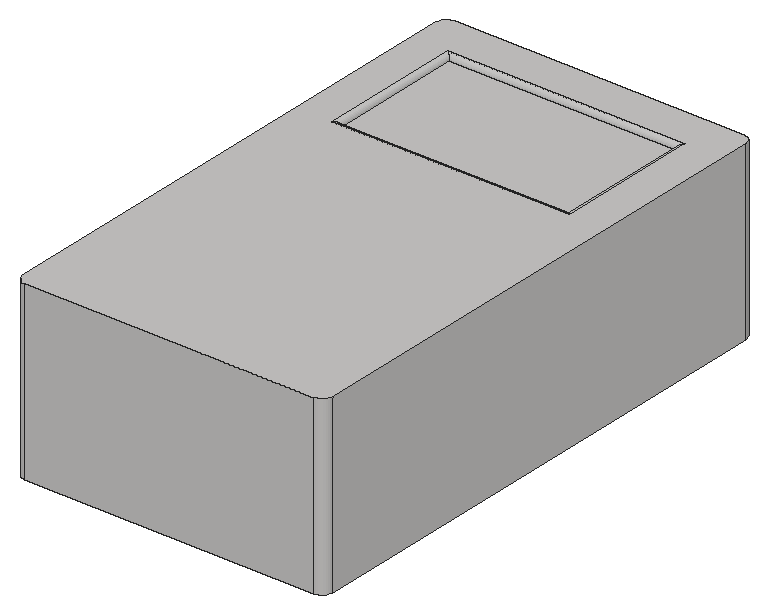
Revit family "Sanitary_Napkin_Disposal-Bobrick-B-9254_Series", category Specialty Equipment, host Face, Revit 2021
Family settings
  Host = Face
  Round Connector Dimension = Use Diameter
  Part Type = Normal
  OmniClass Number = 23.40.20.21.24
  OmniClass Title = Sanitary Napkin and Tampon Dispensers, Disposal Units
  Cut with Voids When Loaded = No
  Shared = Yes
  Room Calculation Point = No
Parameters (values of type "B-9254")
  Width = 4 1/4"  # constant formula
  Waste Receptacle Replacement 9254-20 = no
  Warranty Information = "5-Year Limited Warranty — In addition to Bobrick’s one-year guarantee, Bobrick extends a limited 5-year\r\nwarranty from the date of purchase on all parts for model B-9254."  # constant formula
  URL = "https://www.bobrick.com/"
  Type Comments = ""
  Mounting Height = 29"
  Model = "B-9254"
  Material = "Stainless Steel-Bobrick-Satin"
  Manufacturer = "Bobrick"  # constant formula
  Length = 7 1/2"  # constant formula
  Installation Type = "Surface Mounted"  # constant formula
  Height = 13"  # constant formula
  Finish = Stainless Steel-Bobrick-Satin
  Description = "Surface Mounted Sanitary Disposal"  # constant formula
  Default Elevation = 0"
  Creation Date = "10/02/2025"  # constant formula
  Capacity = "Capacity: 0.8-gal. (3.0-L)"  # constant formula
  Assembly Code = "E1090900"
  ADA Compliant = yes
Types (3): name | Model | Material | Finish
  (no name) | "B-9254" | "Stainless Steel-Bobrick-Satin" | Stainless Steel-Bobrick-Satin
  B-9254 | "B-9254" | "Stainless Steel-Bobrick-Satin" | Stainless Steel-Bobrick-Satin
  B-9254.MBLK | "B-9254.MBLK" | "Stainless Steel-Bobrick-Matte Black" | Stainless Steel-Bobrick-Matte Black
Reference planes (in)
  plane 1 "Center (Front/Back)": y = 0
  plane 2: z = 0
  plane 3 "Center (Left/Right)": x = 0
  plane 4: x = -3.75
  plane 5: x = 3.75
  plane 6: y = -13
  plane 7: z = 4.25
  plane 8 "FL": y = -29
Forms (in)
  Extrusion 1, void
    sketch origin (-3.9498, -7.82433, 2.21875) x (1, 0, 0) y (0, 1, 0)
      loop
        line (1.18871, 3.47988) -> (6.68871, 3.47988) -> (6.68871, 6.72988) -> (1.18871, 6.72988) -> (1.18871, 3.47988)
    from 1.90625 to 2.03125
  Sweep 2, void
    path origin (-3.9498, -7.82433, 4.25) x (1, 0, 0) y (0, 1, 0)
      loop
        line (6.68871, 6.72988) -> (1.18871, 6.72988) -> (1.18871, 3.47988) -> (6.68871, 3.47988) -> (6.68871, 6.72988)
    profile origin (-0.01109, -1.09445, 4.25) x (0, -1, 0) y (0, 0, 1)
      loop
        line (0, 0) -> (-0.125, 0)
        arc (-0.125, 0) -> (-0.03661, -0.03661) -> (0, -0.125) r 0.125
        line (0, -0.125) -> (0, 0)
  Extrusion 3, solid, material "Stainless Steel-Bobrick-Satin" <- "Finish"
    sketch origin (0, 0, 0) x (1, 0, 0) y (0, 1, 0)
      loop
        arc (-3.5, 0) -> (-3.67678, -0.07322) -> (-3.75, -0.25) r 0.25
        line (-3.75, -0.25) -> (-3.75, -12.75)
        arc (-3.75, -12.75) -> (-3.67678, -12.92678) -> (-3.5, -13) r 0.25
        line (-3.5, -13) -> (3.5, -13)
        arc (3.5, -13) -> (3.67678, -12.92678) -> (3.75, -12.75) r 0.25
        line (3.75, -12.75) -> (3.75, -0.25)
        arc (3.75, -0.25) -> (3.67678, -0.07322) -> (3.5, 0) r 0.25
        line (3.5, 0) -> (-3.5, 0)
    from 0 to 4.25
  Extrusion 4, void
    sketch origin (0, 0, 0) x (1, 0, 0) y (0, 1, 0)
      loop
        line (-3.50272, -4.75817) -> (-3.23287, -12.48574)
        arc (-3.23287, -12.48574) -> (-3.11978, -12.73973) -> (-2.862, -12.84388) r 0.37109
        line (-2.862, -12.84388) -> (2.86195, -12.84388)
        arc (2.86195, -12.84388) -> (3.11977, -12.73972) -> (3.23287, -12.48569) r 0.37114
        line (3.23287, -12.48569) -> (3.50272, -4.75817) -> (-3.50272, -4.75817)
    from 0.15617 to 4.125
  Extrusion 5, void
    sketch origin (0, 0, 0) x (1, 0, 0) y (0, 0, 1)
      loop
        circle (0, 2.125) r 0.25
    from 0 to 0.04469
Cuts and joins
  Extrusion 1, Sweep 2, Extrusion 4, Extrusion 5 cuts Extrusion 3
Lines and regions (in)
  Masking region 1
    outline origin (0, 0, 0) x (1, 0, 0) y (0, 0, 1)
      loop
        line (-3.75, 4.25) -> (-3.75, 0) -> (3.75, 0) -> (3.75, 4.25) -> (-3.75, 4.25)
  model lines
    curve 1: line (1.89137, -3.37709, 4.125) -> (1.89137, -4.09241, 4.125)
    curve 2: line (1.89137, -4.09241, 4.125) -> (2.48575, -4.09241, 4.125)
    curve 3: line (2.48575, -4.09241, 4.125) -> (2.48575, -3.37709, 4.125)
    curve 4: line (2.17753, -3.31629, 4.125) -> (2.02496, -3.64348, 4.125)
    curve 5: line (2.02496, -3.64348, 4.125) -> (2.17481, -3.73, 4.125)
    curve 6: arc (2.24451, -3.69826, 4.125) -> (2.28193, -3.65623, 4.125) -> (2.33678, -3.66883, 4.125) r 0.05522
    curve 7: arc (2.17481, -3.73, 4.125) -> (2.21783, -3.73207, 4.125) -> (2.24451, -3.69826, 4.125) r 0.04705
    curve 8: line (2.17753, -3.31629, 4.125) -> (2.33678, -3.66883, 4.125)
    curve 9: arc (1.95767, -3.20401, 4.125) -> (2.04123, -2.99826, 4.125) -> (2.19775, -2.84072, 4.125) r 0.564
    curve 10: arc (2.22128, -2.96182, 4.125) -> (2.08779, -3.06614, 4.125) -> (2.00881, -3.21602, 4.125) r 0.40401
    curve 11: arc (2.00881, -3.21602, 4.125) -> (1.97748, -3.2345, 4.125) -> (1.95767, -3.20401, 4.125) r 0.02629
    curve 12: arc (2.14121, -3.17102, 4.125) -> (2.18597, -3.08801, 4.125) -> (2.25623, -3.02512, 4.125) r 0.27378
    curve 13: arc (2.18875, -3.19826, 4.125) -> (2.39211, -3.03243, 4.125) -> (2.63864, -2.94257, 4.125) r 0.78798
    curve 14: arc (2.18875, -3.19826, 4.125) -> (2.15383, -3.20409, 4.125) -> (2.14121, -3.17102, 4.125) r 0.02795
    curve 15: arc (2.25623, -3.02512, 4.125) -> (2.26879, -2.97688, 4.125) -> (2.22128, -2.96182, 4.125) r 0.0362
    curve 16: arc (2.52942, -2.80278, 4.125) -> (2.4221, -2.80874, 4.125) -> (2.31477, -2.80278, 4.125) r 0.96828
    curve 17: arc (2.31477, -2.80278, 4.125) -> (2.25217, -2.80914, 4.125) -> (2.19775, -2.84072, 4.125) r 0.14931
    curve 18: line (2.52942, -2.80278, 4.125) -> (2.63864, -2.94257, 4.125)
  symbolic lines, detail levels medium+fine
    curve 19: circle (0, 0, 2.125) r 0.25 normal (0, -1, 0)
Dimensions and locks (in)
  equal spacing: plane 4, plane 3 "Center (Left/Right)", plane 5
  "Length": plane 4 to plane 5
  "Height": plane 6 to plane 1 "Center (Front/Back)"
  "Width": plane 7 to level
  "Mounting Height": plane 8 "FL" to plane 1 "Center (Front/Back)"
  aligned and locked: plane 1 "Center (Front/Back)" to Extrusion 3 sketch curve
  aligned and locked: plane 4 to Extrusion 3 sketch curve
  aligned and locked: plane 6 to Extrusion 3 sketch curve
  aligned and locked: plane 5 to Extrusion 3 sketch curve
  aligned and locked: Extrusion 3 to Extrusion 1
  aligned and locked: Extrusion 3 to level
  aligned and locked: Extrusion 3 to Extrusion 5
  aligned and locked: Masking region 1 sketch curve to cut or joined group of Extrusion 1, Sweep 2, Extrusion 3, Extrusion 4, Extrusion 5  (x4)
  aligned and locked: curve 19 to cut or joined group of Extrusion 1, Sweep 2, Extrusion 3, Extrusion 4, Extrusion 5
Automatic sketch dimensions
  host sketch curve to host sketch curve = 96"  (x2)
  Sweep 2 sketch curve to profile plane = 0"  (x2)
  profile plane to Sweep 2 sketch curve = 1/8"
  plane 4 to Extrusion 3 sketch curve = 1/4"
  Extrusion 3 sketch curve to Extrusion 3 sketch curve = 1/4"
  plane 5 to Extrusion 3 sketch curve = 1/4"  (x2)
  plane 4 to Extrusion 1 sketch curve = 0.98891"
  plane 5 to Extrusion 1 sketch curve = 1.01109"
  plane 1 "Center (Front/Back)" to Extrusion 1 sketch curve = 4.34445"
  plane 1 "Center (Front/Back)" to Extrusion 1 sketch curve = 1.09445"
  plane 4 to Sweep 2 sketch curve = 0.98891"
  plane 5 to Sweep 2 sketch curve = 1.01109"
  plane 1 "Center (Front/Back)" to Sweep 2 sketch curve = 4.34445"
  plane 1 "Center (Front/Back)" to Sweep 2 sketch curve = 1.09445"
  plane 4 to Extrusion 4 sketch curve = 0.24728"
  plane 4 to Extrusion 4 sketch curve = 0.51713"
  plane 6 to Extrusion 4 sketch curve = 0.15612"
  Extrusion 4 sketch curve to Extrusion 4 sketch curve = 0.37087"
  plane 5 to Extrusion 4 sketch curve = 0.88805"
  Extrusion 4 sketch curve to Extrusion 4 sketch curve = 0.37092"
  plane 5 to Extrusion 4 sketch curve = 0.24728"
  plane 6 to Extrusion 4 sketch curve = 0.51431"
  plane 6 to Extrusion 4 sketch curve = 0.51426"
  plane 1 "Center (Front/Back)" to Extrusion 4 sketch curve = 4.75817"
  plane 5 to curve 1 = 1.85863"
  curve 1 to curve 11 = 0.09212"
  curve 1 to curve 4 = 0.13359"
  curve 11 to curve 14 = 0.18423"
  curve 4 to curve 5 = 0.14985"
  curve 14 to curve 8 = 0.00981"
  curve 7 to curve 7 = 0.02352"
  curve 14 to curve 15 = 0.06937"
  curve 15 to curve 17 = 0.06112"
  curve 7 to curve 6 = 0.10038"
  curve 6 to curve 8 = 0.03807"
  curve 4 to curve 10 = 0.22024"
  curve 10 to curve 12 = 0.0032"
  curve 17 to curve 16 = 0.12388"
  curve 6 to curve 2 = 0.18704"
  curve 3 to curve 9 = 0.02602"
  curve 17 to curve 18 = 0.2312"
  curve 16 to curve 18 = 0.10922"
  curve 8 to curve 13 = 0.44469"
  plane 1 "Center (Front/Back)" to curve 1 = 4.09241"
  curve 1 to curve 5 = 0.36241"
  curve 2 to curve 13 = 0.3749"
  curve 7 to curve 6 = 0.02116"
  curve 7 to curve 7 = 0.04074"
  curve 6 to curve 8 = 0.04"
  curve 5 to curve 4 = 0.08651"
  curve 8 to curve 10 = 0.3436"
  curve 10 to curve 4 = 0.00894"
  curve 10 to curve 9 = 0.01603"
  curve 10 to curve 12 = 0.06772"
  curve 4 to curve 11 = 0.10738"
  curve 4 to curve 14 = 0.13645"
  curve 14 to curve 15 = 0.18546"
  curve 15 to curve 17 = 0.04322"
  curve 17 to curve 18 = 0.0086"
  curve 18 to curve 18 = 0.13979"
  curve 16 to curve 16 = 0.96232"
  curve 9 to curve 11 = 0.02583"
  curve 11 to curve 9 = 0"
  curve 10 to curve 11 = 0"
  curve 12 to curve 14 = 0.02652"
  curve 14 to curve 12 = 0"
  curve 9 to curve 16 = 0.11702"
  curve 15 to curve 10 = 0"
  curve 3 to curve 9 = 0.06788"
  curve 1 to curve 9 = 0.17308"
  Extrusion 5 sketch curve to plane 3 "Center (Left/Right)" = 0"
  level to Extrusion 5 sketch curve = 2 1/8"
  radius of Extrusion 5 sketch curve = 1/4"
